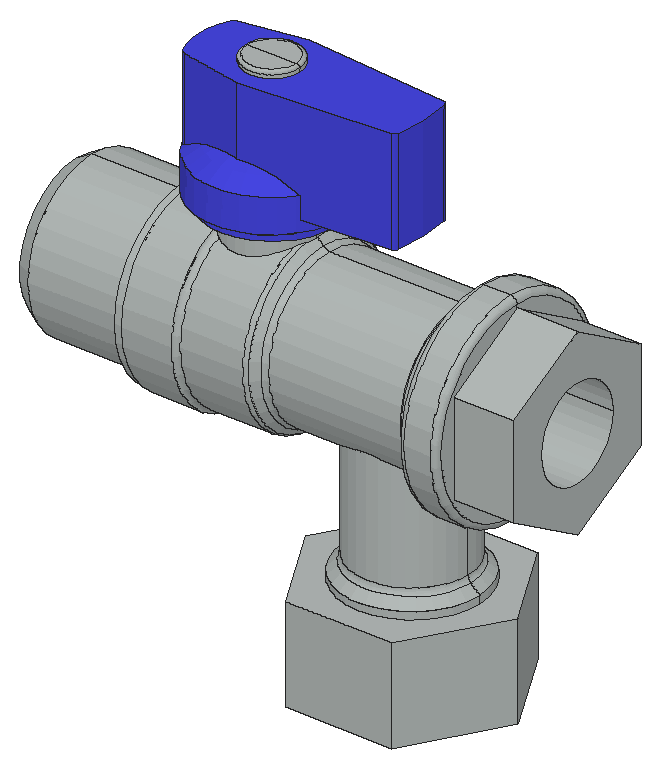
Revit family "QS13462128", category Apparecchi idraulici, Revit 2020
Family settings
  Quota connettore circolare = Usa diametro
  Tipo di parte = Normale
  Numero OmniClass = 23.45.00.00
  Titolo OmniClass = Sanitary, Laundry, and Cleaning Equipment
  Basato su piano di lavoro = No
  Sempre verticale = Sì
  Taglio con vuoti quando caricato = No
  Condiviso = No
  Punto di calcolo locali = No
Parameters
  URL = "https://web.cimberio.com/index.php/figura/514?subcategoria_id=78"
  Prospetto di default = 0 mm
  Produttore = "Cimberio SPA"
  Modello = "CIM 470CF"
  Descrizione = "Realizzato in ottemperanza ai requisiti gestionali della norma EN ISO 9001.\r\nCollaudato al 100% secondo la normativa EN 12266-1.\r\nUtilizzato per impianti idrici ed igienico-sanitari."
  Type Comments = ""
Reference planes
  plane 1 "Centro (Fronte/Retro)": y = 0
  plane 2: z = 0
  plane 3 "Centro (Sinistra/Destra)": x = 0
Forms (mm)
  Extrusion 1, solid, material "Cim_Lega di ottone"
    sketch origin (0, 0, 0) x (0, 1, 0) y (0, 0, 1)
      loop
        circle (0, 0.019) r 7.5
      loop
        line (0, 15.019) -> (-12.99, 7.519) -> (-12.99, -7.481) -> (0, -14.981) -> (12.99, -7.481) -> (12.99, 7.519) -> (0, 15.019)
    from 40 to 50.2
  Revolve 2, solid, material "Cim_Lega di ottone"
    sketch origin (0, 0, 0) x (1, 0, 0) y (0, 0, 1)
      loop
        line (-7.397, 7.833) -> (0, 7.833) -> (0, 18.19) -> (-7.397, 18.19) -> (-7.397, 7.833)
      axis (0, 18.19) -> (0, 7.833)
    angle from 0 to 360
  Revolve 3, solid, material "Cim_Alluminio blu"
    sketch origin (0, 0, 2.9) x (1, 0, 0) y (0, 0, 1)
      loop
        line (0, 13.55) -> (0, 24.481)
        arc (0, 24.481) -> (-6.22, 23.693) -> (-11.805, 20.845) r 18.248
        line (-11.805, 20.845) -> (-11.9, 15.416) -> (-10.305, 14.495) -> (-10.305, 13.55) -> (0, 13.55)
      axis (0, 24.481) -> (0, 13.55)
    angle from 0 to 360
  Extrusion 4, solid, material "Cim_Alluminio blu"
    sketch origin (0, 0, 2.9) x (1, 0, 0) y (0, 1, 0)
      loop
        line (0.195, 7.359) -> (-10.06, 5.415)
        arc (-10.06, 5.415) -> (-10.457, 5.241) -> (-10.736, 4.91) r 0.957
        arc (-10.736, 4.91) -> (-11.535, 2.512) -> (-11.805, 0) r 11.805
        arc (-11.805, 0) -> (-11.523, -2.566) -> (-10.69, -5.009) r 11.805
        arc (-10.69, -5.009) -> (-10.411, -5.341) -> (-10.01, -5.508) r 0.921
        line (-10.01, -5.508) -> (0.165, -7.353) -> (23.966, -5.423)
        arc (23.966, -5.423) -> (24.352, -5.131) -> (24.556, -4.691) r 1
        arc (24.556, -4.691) -> (25, 0) -> (24.556, 4.691) r 25
        arc (24.556, 4.691) -> (24.243, 5.247) -> (23.658, 5.5) r 1
        line (23.658, 5.5) -> (0.195, 7.359)
    from 17.32 to 34.35
  Revolve 5, solid, material "Cim_Lega di ottone"
    sketch origin (0, 0, 2.9) x (1, 0, 0) y (0, 0, 1)
      loop
        line (4.001, 35.35) -> (0, 35.35) -> (0, 33.3) -> (4.5, 33.3) -> (4.5, 34.85)
        arc (4.5, 34.85) -> (4.354, 35.203) -> (4.001, 35.35) r 0.5
      axis (0, 35.35) -> (0, 33.3)
    angle from 0 to 360
  Revolve 6, solid, material "Cim_Lega di ottone"
    sketch origin (0, 0, 0) x (1, 0, 0) y (0, 0, 1)
      loop
        line (-12.7, -15) -> (-4.608, -15)
        arc (-4.608, -15) -> (-4.246, -14.494) -> (-3.654, -14.3) r 1
        line (-3.654, -14.3) -> (6.586, -14.3)
        arc (6.586, -14.3) -> (6.968, -14.224) -> (7.293, -14.007) r 1
        line (7.293, -14.007) -> (8.361, -12.939)
        arc (8.361, -12.939) -> (8.847, -12.614) -> (9.421, -12.5) r 1.5
        line (9.421, -12.5) -> (31.113, -12.5) -> (31.113, -7.5) -> (-12.7, -7.5) -> (-12.7, -15)
      axis (-12.7, 0) -> (31.113, 0)
    angle from 0 to 360
  Revolve 7, solid, material "Cim_Lega di ottone filetto VERT"
    sketch origin (0, 0, 0) x (1, 0, 0) y (0, 0, 1)
      loop
        line (-29.6, 13.125) -> (-32.1, 11.682) -> (-32.1, 7.5) -> (-14.1, 7.5) -> (-14.1, 13.125) -> (-29.6, 13.125)
      axis (-32.1, 0) -> (-14.1, 0)
    angle from 0 to 360
  Revolve 8, solid, material "Cim_Lega di ottone"
    sketch origin (0, 0, 0) x (1, 0, 0) y (0, 0, 1)
      loop
        line (-14.1, -14.75) -> (-12.7, -14.75) -> (-12.7, -7.5) -> (-14.1, -7.5) -> (-14.1, -14.75)
      axis (-14.1, 0) -> (-12.7, 0)
    angle from 0 to 360
  Revolve 9, solid, material "Cim_Lega di ottone"
    sketch origin (0, 0, 0) x (1, 0, 0) y (0, 0, 1)
      loop
        line (31.113, 7.5) -> (40.2, 7.5) -> (40.2, 15.5)
        arc (40.2, 15.5) -> (39.907, 16.207) -> (39.2, 16.5) r 1
        line (39.2, 16.5) -> (34.866, 16.5)
        arc (34.866, 16.5) -> (34.367, 16.366) -> (34.001, 16.001) r 1
        line (34.001, 16.001) -> (32.412, 13.25)
        arc (32.412, 13.25) -> (31.863, 12.701) -> (31.113, 12.5) r 1.5
        line (31.113, 12.5) -> (31.113, 7.5)
      axis (31.113, 0) -> (40.2, 0)
    angle from 0 to 360
  Revolve 10, solid, material "Cim_Lega di ottone"
    sketch origin (0, 0, 0) x (1, 0, 0) y (0, 0, 1)
      loop
        line (13.75, -7.139) -> (13.75, -27.081)
        arc (13.75, -27.081) -> (13.636, -27.655) -> (13.311, -28.141) r 1.5
        line (13.311, -28.141) -> (11.9, -29.554) -> (11.9, -30.75) -> (15.5, -30.75) -> (15.5, -7.139) -> (13.75, -7.139)
      axis (23, -30.75) -> (23, -7.139)
    angle from 0 to 360
  Extrusion 11, solid, material "Cim_Lega di ottone"
    sketch origin (0, 0, 0) x (1, 0, 0) y (0, 1, 0)
      loop
        circle (23, 0) r 7.5
      loop
        line (40.4, 0) -> (31.7, 15.069) -> (14.3, 15.069) -> (5.6, 0) -> (14.3, -15.069) -> (31.7, -15.069) -> (40.4, 0)
    from -46.25 to -30.713
Dimensions and locks
  aligned and locked: level to plane 2
Connectors
  piping at (50.2, 0, 0.019), diameter 15
    settings: on Extrusion 1, index 1, connector inside diameter 609.6 mm, connector length 0 mm, flow factor 0, pipe flow 0.0 L/s, pressure drop 0.0 Pa, fitting loss kfactor 0, connector angle 0.00°, fixture units 0, engagement length 0 mm, angle of deflection 0.00°, flow configuration 0, flow direction 0, fitting loss method 0, system type 7, joint type 0, gender type 0, connector reference index -1, connector utility 0, adjustable connector no, is connector primary yes, connector description ""
  piping at (-32.1, 0, 0), diameter 15
    settings: on Revolve 7, index 2, connector inside diameter 609.6 mm, connector length 0 mm, flow factor 0, pipe flow 0.0 L/s, pressure drop 0.0 Pa, fitting loss kfactor 0, connector angle 0.00°, fixture units 0, engagement length 0 mm, angle of deflection 0.00°, flow configuration 0, flow direction 0, fitting loss method 0, system type 7, joint type 0, gender type 0, connector reference index -1, connector utility 0, adjustable connector no, is connector primary no, connector description ""
